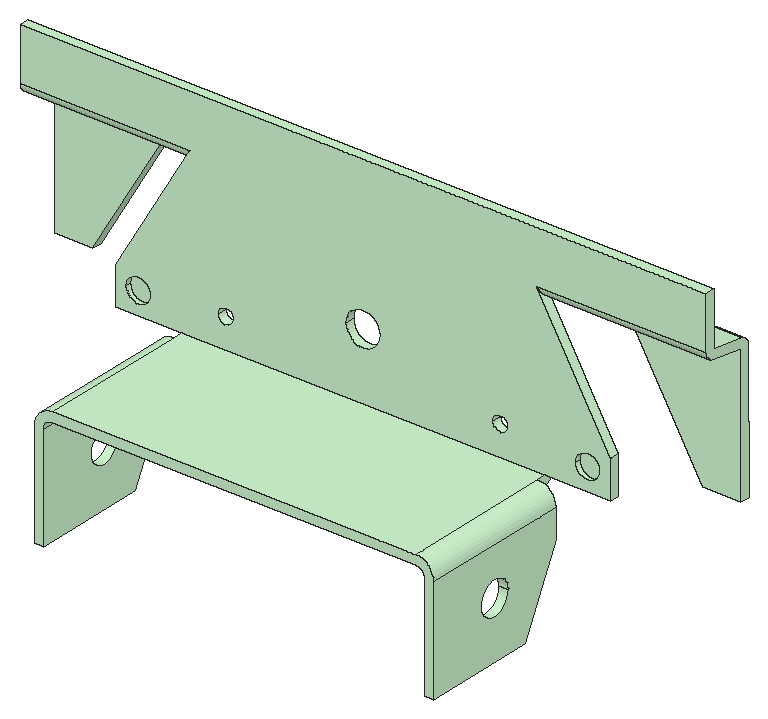
Revit family "soeru-wcover", category 機械設備, Revit 2022
Family settings
  丸型コネクタ寸法 = 直径を使用
  種別 = なし
  パーツ タイプ = 標準
  作業面ベース = いいえ
  常に垂直 = はい
  ロード時にボイドで切り取り = いいえ
  注釈の向きを維持 = いいえ
  共有 = いいえ
  部屋計算ポイント = いいえ
Parameters
  製造元 = "株式会社桐井製作所"
  既定の高さ = 0 mm
  URL = "https://www.kirii.co.jp/"
  K_許容荷重(鉛直)(N) = 660
  K_許容荷重(水平)(N) = 250
  K_板厚(mm) = 1.2 mm
  K_材質 = "SGCC"
  K_品名 = "ソエルWカバー"
  K_名称 = "野縁直付天井用クリップ補強金具"
  K_入数 = "100"
  K_バージョン情報 = "20211216"
  K_めっき付着量 = "Z12"
  K_JIS規格 = "JIS G 3302"
Reference planes
  plane 1 "中心(正面/背面)": y = 0
  plane 2: z = 0
  plane 3 "中心(左/右)": x = 0
Forms (mm)
  Extrusion 1, solid
    sketch origin (0, -8.287, 0) x (1, 0, 0) y (0, 0, 1)
      loop
        arc (-23.8, 0) -> (-25.497, -0.703) -> (-26.2, -2.4) r 2.4
        line (-26.2, -2.4) -> (-26.2, -16.2) -> (-25, -16.2) -> (-25, -2.4)
        arc (-25, -2.4) -> (-24.649, -1.551) -> (-23.8, -1.2) r 1.2
        line (-23.8, -1.2) -> (23.8, -1.2)
        arc (23.8, -1.2) -> (24.649, -1.551) -> (25, -2.4) r 1.2
        line (25, -2.4) -> (25, -16.2) -> (26.2, -16.2) -> (26.2, -2.4)
        arc (26.2, -2.4) -> (25.497, -0.703) -> (23.8, 0) r 2.4
        line (23.8, 0) -> (-23.8, 0)
    from -7.087 to 12.913
  Extrusion 2, void
    sketch origin (0, -1.2, 0) x (0, 1, 0) y (0, 0, 1)
      loop
        line (-5, -16.2) -> (0, -16.2) -> (0, -6.2) -> (-5, -16.2)
    from 25 to 26.2
  Extrusion 3, solid
    sketch origin (0, -1.2, 0) x (1, 0, 0) y (0, 0, 1)
      loop
        line (45, 28.8) -> (-45, 28.8) -> (-45, 21.8) -> (-22.801, 21.8) -> (-32.5, 5) -> (-32.5, 0) -> (32.5, 0) -> (32.5, 5) -> (22.801, 21.8) -> (45, 21.8) -> (45, 28.8)
    from -2.4 to -1.2
  Extrusion 4, solid
    sketch origin (0, -1.2, 0) x (0, 1, 0) y (0, 0, 1)
      loop
        line (0, -1.2) -> (1.2, -1.2)
        arc (1.2, -1.2) -> (2.049, -0.849) -> (2.4, 0) r 1.2
        line (2.4, 0) -> (0, 0) -> (0, -1.2)
    from -23.8 to 23.807
  Extrusion 5, void
    sketch origin (0, -1.2, 0) x (0, 1, 0) y (0, 0, 1)
      loop
        circle (-10, -8.7) r 2.25
    from 25 to 26.2
  Extrusion 6, void
    sketch origin (0, -1.2, 0) x (0, 1, 0) y (0, 0, 1)
      loop
        circle (-10, -8.7) r 2.25
    from -26.2 to -25
  Extrusion 7, void
    sketch origin (0, -1.2, 0) x (1, 0, 0) y (0, 0, 1)
      loop
        circle (-18, 4) r 1
      loop
        circle (18, 4) r 1
      loop
        circle (0, 8.8) r 2.25
    from -2.4 to -1.2
  Extrusion 8, solid
    sketch origin (0, 0, 0) x (0, 1, 0) y (0, 0, 1)
      loop
        line (6.9, 1.8) -> (6.9, 19.792)
        arc (6.9, 19.792) -> (6.619, 20.564) -> (5.907, 20.974) r 1.2
        line (5.907, 20.974) -> (1.2, 21.8) -> (0, 21.8)
        arc (0, 21.8) -> (0.281, 21.028) -> (0.993, 20.618) r 1.2
        line (0.993, 20.618) -> (5.7, 19.792) -> (5.7, 1.8) -> (6.9, 1.8)
    from -45 to 45
  Extrusion 9, void
    sketch origin (0, 0, 0) x (1, 0, 0) y (0, 0, 1)
      loop
        line (-40, 1.8) -> (40, 1.8) -> (28.453, 21.8) -> (-28.453, 21.8) -> (-40, 1.8)
    from -6.9 to -1.2
  Extrusion 10, void
    sketch origin (0, 0, 0) x (1, 0, 0) y (0, 0, 1)
      loop
        circle (-29.497, 3) r 1.597
      loop
        circle (29.497, 3) r 1.603
    from -0.649 to 0
  Extrusion 11, void
    sketch origin (-51.2, -1.2, 0) x (0, 1, 0) y (0, 0, 1)
      loop
        line (-5, -16.2) -> (0, -16.2) -> (0, -6.2) -> (-5, -16.2)
    from 25 to 26.2
Cuts and joins
  Extrusion 2, Extrusion 5, Extrusion 6, Extrusion 11 cuts Extrusion 1
  Extrusion 7, Extrusion 9, Extrusion 10, Extrusion 11 cuts Extrusion 3
  Extrusion 10, Extrusion 11 cuts Extrusion 4
  Extrusion 9, Extrusion 10, Extrusion 11 cuts Extrusion 8
  joined: Extrusion 1, Extrusion 3, Extrusion 4, Extrusion 8
Dimensions and locks
  aligned and locked: level to plane 2
  aligned and locked: plane 1 "中心(正面/背面)" to Extrusion 10
